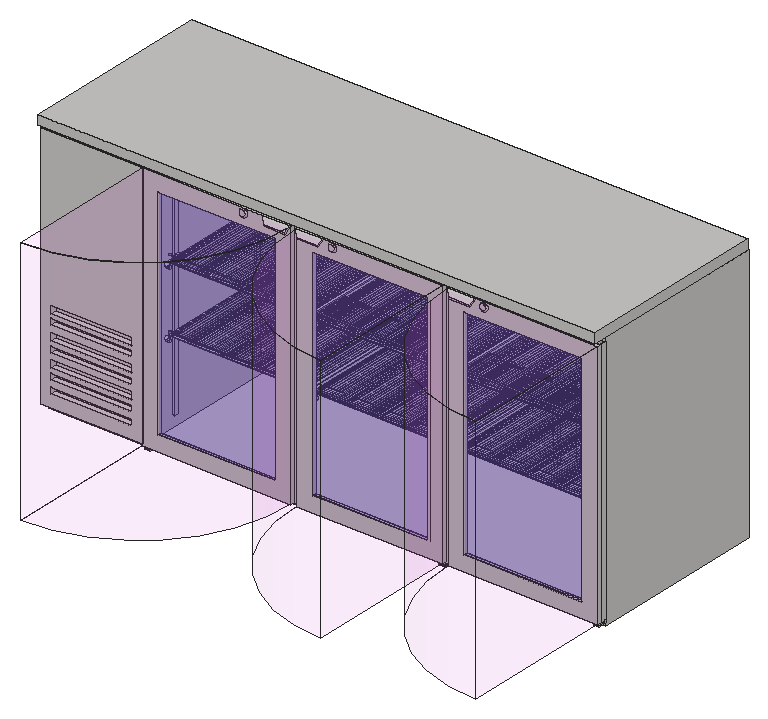
Revit family "QF_True_TBB24-72-3G-Z1-SFT-S-1_Glass_Swing_Door_Back_Bar", category Specialty Equipment, Revit 2021 (continued)
Definition of nested family "TBB24-72-3G-Z1-BST-B-1"
  Forms (in)
    Extrusion 199, solid
      sketch origin (37.5051, 0, -8.5) x (1, 0, 0) y (0, 0, 1)
        loop
          circle (14.90115, 21.72801) r 0.03267
      from 4.97058 to 21.84523
    Extrusion 200, solid
      sketch origin (55.08845, 0, -8.5) x (1, 0, 0) y (0, 0, 1)
        loop
          circle (14.90115, 21.72801) r 0.03267
      from 4.97058 to 21.84523
    Extrusion 201, solid
      sketch origin (37.86394, 0, -8.5) x (1, 0, 0) y (0, 0, 1)
        loop
          circle (14.90115, 21.72801) r 0.03267
      from 4.97058 to 21.84523
    Extrusion 202, solid
      sketch origin (38.22279, 0, -8.5) x (1, 0, 0) y (0, 0, 1)
        loop
          circle (14.90115, 21.72801) r 0.03267
      from 4.97058 to 21.84523
    Extrusion 203, solid
      sketch origin (38.58163, 0, -8.5) x (1, 0, 0) y (0, 0, 1)
        loop
          circle (14.90115, 21.72801) r 0.03267
      from 4.97058 to 21.84523
    Extrusion 204, solid
      sketch origin (38.94047, 0, -8.5) x (1, 0, 0) y (0, 0, 1)
        loop
          circle (14.90115, 21.72801) r 0.03267
      from 4.97058 to 21.84523
    Extrusion 205, solid
      sketch origin (39.29932, 0, -8.5) x (1, 0, 0) y (0, 0, 1)
        loop
          circle (14.90115, 21.72801) r 0.03267
      from 4.97058 to 21.84523
    Extrusion 206, solid
      sketch origin (39.65816, 0, -8.5) x (1, 0, 0) y (0, 0, 1)
        loop
          circle (14.90115, 21.72801) r 0.03267
      from 4.97058 to 21.84523
    Extrusion 207, solid
      sketch origin (40.01701, 0, -8.5) x (1, 0, 0) y (0, 0, 1)
        loop
          circle (14.90115, 21.72801) r 0.03267
      from 4.97058 to 21.84523
    Extrusion 208, solid
      sketch origin (40.37585, 0, -8.5) x (1, 0, 0) y (0, 0, 1)
        loop
          circle (14.90115, 21.72801) r 0.03267
      from 4.97058 to 21.84523
    Extrusion 209, solid
      sketch origin (40.73469, 0, -8.5) x (1, 0, 0) y (0, 0, 1)
        loop
          circle (14.90115, 21.72801) r 0.03267
      from 4.97058 to 21.84523
    Extrusion 210, solid
      sketch origin (41.09354, 0, -8.5) x (1, 0, 0) y (0, 0, 1)
        loop
          circle (14.90115, 21.72801) r 0.03267
      from 4.97058 to 21.84523
    Extrusion 211, solid
      sketch origin (41.45238, 0, -8.5) x (1, 0, 0) y (0, 0, 1)
        loop
          circle (14.90115, 21.72801) r 0.03267
      from 4.97058 to 21.84523
    Extrusion 212, solid
      sketch origin (41.81122, 0, -8.5) x (1, 0, 0) y (0, 0, 1)
        loop
          circle (14.90115, 21.72801) r 0.03267
      from 4.97058 to 21.84523
    Extrusion 213, solid
      sketch origin (42.17007, 0, -8.5) x (1, 0, 0) y (0, 0, 1)
        loop
          circle (14.90115, 21.72801) r 0.03267
      from 4.97058 to 21.84523
    Extrusion 214, solid
      sketch origin (42.52891, 0, -8.5) x (1, 0, 0) y (0, 0, 1)
        loop
          circle (14.90115, 21.72801) r 0.03267
      from 4.97058 to 21.84523
    Extrusion 215, solid
      sketch origin (42.88776, 0, -8.5) x (1, 0, 0) y (0, 0, 1)
        loop
          circle (14.90115, 21.72801) r 0.03267
      from 4.97058 to 21.84523
    Extrusion 216, solid
      sketch origin (43.2466, 0, -8.5) x (1, 0, 0) y (0, 0, 1)
        loop
          circle (14.90115, 21.72801) r 0.03267
      from 4.97058 to 21.84523
    Extrusion 217, solid
      sketch origin (43.60544, 0, -8.5) x (1, 0, 0) y (0, 0, 1)
        loop
          circle (14.90115, 21.72801) r 0.03267
      from 4.97058 to 21.84523
    Extrusion 218, solid
      sketch origin (43.96429, 0, -8.5) x (1, 0, 0) y (0, 0, 1)
        loop
          circle (14.90115, 21.72801) r 0.03267
      from 4.97058 to 21.84523
    Extrusion 219, solid
      sketch origin (44.32313, 0, -8.5) x (1, 0, 0) y (0, 0, 1)
        loop
          circle (14.90115, 21.72801) r 0.03267
      from 4.97058 to 21.84523
    Extrusion 220, solid
      sketch origin (44.68198, 0, -8.5) x (1, 0, 0) y (0, 0, 1)
        loop
          circle (14.90115, 21.72801) r 0.03267
      from 4.97058 to 21.84523
    Extrusion 221, solid
      sketch origin (45.04082, 0, -8.5) x (1, 0, 0) y (0, 0, 1)
        loop
          circle (14.90115, 21.72801) r 0.03267
      from 4.97058 to 21.84523
    Extrusion 222, solid
      sketch origin (45.39966, 0, -8.5) x (1, 0, 0) y (0, 0, 1)
        loop
          circle (14.90115, 21.72801) r 0.03267
      from 4.97058 to 21.84523
    Extrusion 223, solid
      sketch origin (45.75851, 0, -8.5) x (1, 0, 0) y (0, 0, 1)
        loop
          circle (14.90115, 21.72801) r 0.03267
      from 4.97058 to 21.84523
    Extrusion 224, solid
      sketch origin (46.11735, 0, -8.5) x (1, 0, 0) y (0, 0, 1)
        loop
          circle (14.90115, 21.72801) r 0.03267
      from 4.97058 to 21.84523
    Extrusion 225, solid
      sketch origin (46.47619, 0, -8.5) x (1, 0, 0) y (0, 0, 1)
        loop
          circle (14.90115, 21.72801) r 0.03267
      from 4.97058 to 21.84523
    Extrusion 226, solid
      sketch origin (46.83504, 0, -8.5) x (1, 0, 0) y (0, 0, 1)
        loop
          circle (14.90115, 21.72801) r 0.03267
      from 4.97058 to 21.84523
    Extrusion 227, solid
      sketch origin (47.19388, 0, -8.5) x (1, 0, 0) y (0, 0, 1)
        loop
          circle (14.90115, 21.72801) r 0.03267
      from 4.97058 to 21.84523
    Extrusion 228, solid
      sketch origin (47.55273, 0, -8.5) x (1, 0, 0) y (0, 0, 1)
        loop
          circle (14.90115, 21.72801) r 0.03267
      from 4.97058 to 21.84523
    Extrusion 229, solid
      sketch origin (47.91157, 0, -8.5) x (1, 0, 0) y (0, 0, 1)
        loop
          circle (14.90115, 21.72801) r 0.03267
      from 4.97058 to 21.84523
    Extrusion 230, solid
      sketch origin (48.27041, 0, -8.5) x (1, 0, 0) y (0, 0, 1)
        loop
          circle (14.90115, 21.72801) r 0.03267
      from 4.97058 to 21.84523
    Extrusion 231, solid
      sketch origin (48.62926, 0, -8.5) x (1, 0, 0) y (0, 0, 1)
        loop
          circle (14.90115, 21.72801) r 0.03267
      from 4.97058 to 21.84523
    Extrusion 232, solid
      sketch origin (48.9881, 0, -8.5) x (1, 0, 0) y (0, 0, 1)
        loop
          circle (14.90115, 21.72801) r 0.03267
      from 4.97058 to 21.84523
    Extrusion 233, solid
      sketch origin (49.34695, 0, -8.5) x (1, 0, 0) y (0, 0, 1)
        loop
          circle (14.90115, 21.72801) r 0.03267
      from 4.97058 to 21.84523
    Extrusion 234, solid
      sketch origin (49.70579, 0, -8.5) x (1, 0, 0) y (0, 0, 1)
        loop
          circle (14.90115, 21.72801) r 0.03267
      from 4.97058 to 21.84523
    Extrusion 235, solid
      sketch origin (50.06463, 0, -8.5) x (1, 0, 0) y (0, 0, 1)
        loop
          circle (14.90115, 21.72801) r 0.03267
      from 4.97058 to 21.84523
    Extrusion 236, solid
      sketch origin (50.42348, 0, -8.5) x (1, 0, 0) y (0, 0, 1)
        loop
          circle (14.90115, 21.72801) r 0.03267
      from 4.97058 to 21.84523
    Extrusion 237, solid
      sketch origin (50.78232, 0, -8.5) x (1, 0, 0) y (0, 0, 1)
        loop
          circle (14.90115, 21.72801) r 0.03267
      from 4.97058 to 21.84523
    Extrusion 238, solid
      sketch origin (51.14116, 0, -8.5) x (1, 0, 0) y (0, 0, 1)
        loop
          circle (14.90115, 21.72801) r 0.03267
      from 4.97058 to 21.84523
    Extrusion 239, solid
      sketch origin (51.50001, 0, -8.5) x (1, 0, 0) y (0, 0, 1)
        loop
          circle (14.90115, 21.72801) r 0.03267
      from 4.97058 to 21.84523
    Extrusion 240, solid
      sketch origin (51.85885, 0, -8.5) x (1, 0, 0) y (0, 0, 1)
        loop
          circle (14.90115, 21.72801) r 0.03267
      from 4.97058 to 21.84523
    Extrusion 241, solid
      sketch origin (52.2177, 0, -8.5) x (1, 0, 0) y (0, 0, 1)
        loop
          circle (14.90115, 21.72801) r 0.03267
      from 4.97058 to 21.84523
    Extrusion 242, solid
      sketch origin (52.57654, 0, -8.5) x (1, 0, 0) y (0, 0, 1)
        loop
          circle (14.90115, 21.72801) r 0.03267
      from 4.97058 to 21.84523
    Extrusion 243, solid
      sketch origin (52.93538, 0, -8.5) x (1, 0, 0) y (0, 0, 1)
        loop
          circle (14.90115, 21.72801) r 0.03267
      from 4.97058 to 21.84523
    Extrusion 244, solid
      sketch origin (53.29423, 0, -8.5) x (1, 0, 0) y (0, 0, 1)
        loop
          circle (14.90115, 21.72801) r 0.03267
      from 4.97058 to 21.84523
    Extrusion 245, solid
      sketch origin (53.65307, 0, -8.5) x (1, 0, 0) y (0, 0, 1)
        loop
          circle (14.90115, 21.72801) r 0.03267
      from 4.97058 to 21.84523
    Extrusion 246, solid
      sketch origin (54.01191, 0, -8.5) x (1, 0, 0) y (0, 0, 1)
        loop
          circle (14.90115, 21.72801) r 0.03267
      from 4.97058 to 21.84523
    Extrusion 247, solid
      sketch origin (54.37076, 0, -8.5) x (1, 0, 0) y (0, 0, 1)
        loop
          circle (14.90115, 21.72801) r 0.03267
      from 4.97058 to 21.84523
    Extrusion 248, solid
      sketch origin (54.7296, 0, -8.5) x (1, 0, 0) y (0, 0, 1)
        loop
          circle (14.90115, 21.72801) r 0.03267
      from 4.97058 to 21.84523
    Extrusion 249, solid
      sketch origin (18.7788, 0, 0) x (1, 0, 0) y (0, 0, 1)
        loop
          circle (14.90115, 21.72801) r 0.03267
      from 4.97058 to 21.86282
    Extrusion 250, solid
      sketch origin (36.36215, 0, 0) x (1, 0, 0) y (0, 0, 1)
        loop
          circle (14.90115, 21.72801) r 0.03267
      from 4.97058 to 21.86282
    Extrusion 251, solid
      sketch origin (19.13764, 0, 0) x (1, 0, 0) y (0, 0, 1)
        loop
          circle (14.90115, 21.72801) r 0.03267
      from 4.97058 to 21.86282
    Extrusion 252, solid
      sketch origin (19.49649, 0, 0) x (1, 0, 0) y (0, 0, 1)
        loop
          circle (14.90115, 21.72801) r 0.03267
      from 4.97058 to 21.86282
    Extrusion 253, solid
      sketch origin (19.85533, 0, 0) x (1, 0, 0) y (0, 0, 1)
        loop
          circle (14.90115, 21.72801) r 0.03267
      from 4.97058 to 21.86282
    Extrusion 254, solid
      sketch origin (20.21417, 0, 0) x (1, 0, 0) y (0, 0, 1)
        loop
          circle (14.90115, 21.72801) r 0.03267
      from 4.97058 to 21.86282
    Extrusion 255, solid
      sketch origin (20.57302, 0, 0) x (1, 0, 0) y (0, 0, 1)
        loop
          circle (14.90115, 21.72801) r 0.03267
      from 4.97058 to 21.86282
    Extrusion 256, solid
      sketch origin (20.93186, 0, 0) x (1, 0, 0) y (0, 0, 1)
        loop
          circle (14.90115, 21.72801) r 0.03267
      from 4.97058 to 21.86282
    Extrusion 257, solid
      sketch origin (21.29071, 0, 0) x (1, 0, 0) y (0, 0, 1)
        loop
          circle (14.90115, 21.72801) r 0.03267
      from 4.97058 to 21.86282
    Extrusion 258, solid
      sketch origin (21.64955, 0, 0) x (1, 0, 0) y (0, 0, 1)
        loop
          circle (14.90115, 21.72801) r 0.03267
      from 4.97058 to 21.86282
    Extrusion 259, solid
      sketch origin (22.00839, 0, 0) x (1, 0, 0) y (0, 0, 1)
        loop
          circle (14.90115, 21.72801) r 0.03267
      from 4.97058 to 21.86282
    Extrusion 260, solid
      sketch origin (22.36724, 0, 0) x (1, 0, 0) y (0, 0, 1)
        loop
          circle (14.90115, 21.72801) r 0.03267
      from 4.97058 to 21.86282
    Extrusion 261, solid
      sketch origin (22.72608, 0, 0) x (1, 0, 0) y (0, 0, 1)
        loop
          circle (14.90115, 21.72801) r 0.03267
      from 4.97058 to 21.86282
    Extrusion 262, solid
      sketch origin (23.08493, 0, 0) x (1, 0, 0) y (0, 0, 1)
        loop
          circle (14.90115, 21.72801) r 0.03267
      from 4.97058 to 21.86282
    Extrusion 263, solid
      sketch origin (23.44377, 0, 0) x (1, 0, 0) y (0, 0, 1)
        loop
          circle (14.90115, 21.72801) r 0.03267
      from 4.97058 to 21.86282
    Extrusion 264, solid
      sketch origin (23.80261, 0, 0) x (1, 0, 0) y (0, 0, 1)
        loop
          circle (14.90115, 21.72801) r 0.03267
      from 4.97058 to 21.86282
    Extrusion 265, solid
      sketch origin (24.16146, 0, 0) x (1, 0, 0) y (0, 0, 1)
        loop
          circle (14.90115, 21.72801) r 0.03267
      from 4.97058 to 21.86282
    Extrusion 266, solid
      sketch origin (24.5203, 0, 0) x (1, 0, 0) y (0, 0, 1)
        loop
          circle (14.90115, 21.72801) r 0.03267
      from 4.97058 to 21.86282
    Extrusion 267, solid
      sketch origin (24.87914, 0, 0) x (1, 0, 0) y (0, 0, 1)
        loop
          circle (14.90115, 21.72801) r 0.03267
      from 4.97058 to 21.86282
    Extrusion 268, solid
      sketch origin (25.23799, 0, 0) x (1, 0, 0) y (0, 0, 1)
        loop
          circle (14.90115, 21.72801) r 0.03267
      from 4.97058 to 21.86282
    Extrusion 269, solid
      sketch origin (25.59683, 0, 0) x (1, 0, 0) y (0, 0, 1)
        loop
          circle (14.90115, 21.72801) r 0.03267
      from 4.97058 to 21.86282
    Extrusion 270, solid
      sketch origin (25.95568, 0, 0) x (1, 0, 0) y (0, 0, 1)
        loop
          circle (14.90115, 21.72801) r 0.03267
      from 4.97058 to 21.86282
    Extrusion 271, solid
      sketch origin (26.31452, 0, 0) x (1, 0, 0) y (0, 0, 1)
        loop
          circle (14.90115, 21.72801) r 0.03267
      from 4.97058 to 21.86282
    Extrusion 272, solid
      sketch origin (26.67336, 0, 0) x (1, 0, 0) y (0, 0, 1)
        loop
          circle (14.90115, 21.72801) r 0.03267
      from 4.97058 to 21.86282
    Extrusion 273, solid
      sketch origin (27.03221, 0, 0) x (1, 0, 0) y (0, 0, 1)
        loop
          circle (14.90115, 21.72801) r 0.03267
      from 4.97058 to 21.86282
    Extrusion 274, solid
      sketch origin (27.39105, 0, 0) x (1, 0, 0) y (0, 0, 1)
        loop
          circle (14.90115, 21.72801) r 0.03267
      from 4.97058 to 21.86282
    Extrusion 275, solid
      sketch origin (27.7499, 0, 0) x (1, 0, 0) y (0, 0, 1)
        loop
          circle (14.90115, 21.72801) r 0.03267
      from 4.97058 to 21.86282
    Extrusion 276, solid
      sketch origin (28.10874, 0, 0) x (1, 0, 0) y (0, 0, 1)
        loop
          circle (14.90115, 21.72801) r 0.03267
      from 4.97058 to 21.86282
    Extrusion 277, solid
      sketch origin (28.46758, 0, 0) x (1, 0, 0) y (0, 0, 1)
        loop
          circle (14.90115, 21.72801) r 0.03267
      from 4.97058 to 21.86282
    Extrusion 278, solid
      sketch origin (28.82643, 0, 0) x (1, 0, 0) y (0, 0, 1)
        loop
          circle (14.90115, 21.72801) r 0.03267
      from 4.97058 to 21.86282
    Extrusion 279, solid
      sketch origin (29.18527, 0, 0) x (1, 0, 0) y (0, 0, 1)
        loop
          circle (14.90115, 21.72801) r 0.03267
      from 4.97058 to 21.86282
    Extrusion 280, solid
      sketch origin (29.54411, 0, 0) x (1, 0, 0) y (0, 0, 1)
        loop
          circle (14.90115, 21.72801) r 0.03267
      from 4.97058 to 21.86282
    Extrusion 281, solid
      sketch origin (29.90296, 0, 0) x (1, 0, 0) y (0, 0, 1)
        loop
          circle (14.90115, 21.72801) r 0.03267
      from 4.97058 to 21.86282
    Extrusion 282, solid
      sketch origin (30.2618, 0, 0) x (1, 0, 0) y (0, 0, 1)
        loop
          circle (14.90115, 21.72801) r 0.03267
      from 4.97058 to 21.86282
    Extrusion 283, solid
      sketch origin (30.62065, 0, 0) x (1, 0, 0) y (0, 0, 1)
        loop
          circle (14.90115, 21.72801) r 0.03267
      from 4.97058 to 21.86282
    Extrusion 284, solid
      sketch origin (30.97949, 0, 0) x (1, 0, 0) y (0, 0, 1)
        loop
          circle (14.90115, 21.72801) r 0.03267
      from 4.97058 to 21.86282
    Extrusion 285, solid
      sketch origin (31.33833, 0, 0) x (1, 0, 0) y (0, 0, 1)
        loop
          circle (14.90115, 21.72801) r 0.03267
      from 4.97058 to 21.86282
    Extrusion 286, solid
      sketch origin (31.69718, 0, 0) x (1, 0, 0) y (0, 0, 1)
        loop
          circle (14.90115, 21.72801) r 0.03267
      from 4.97058 to 21.86282
    Extrusion 287, solid
      sketch origin (32.05602, 0, 0) x (1, 0, 0) y (0, 0, 1)
        loop
          circle (14.90115, 21.72801) r 0.03267
      from 4.97058 to 21.86282
    Extrusion 288, solid
      sketch origin (32.41486, 0, 0) x (1, 0, 0) y (0, 0, 1)
        loop
          circle (14.90115, 21.72801) r 0.03267
      from 4.97058 to 21.86282
    Extrusion 289, solid
      sketch origin (32.77371, 0, 0) x (1, 0, 0) y (0, 0, 1)
        loop
          circle (14.90115, 21.72801) r 0.03267
      from 4.97058 to 21.86282
    Extrusion 290, solid
      sketch origin (33.13255, 0, 0) x (1, 0, 0) y (0, 0, 1)
        loop
          circle (14.90115, 21.72801) r 0.03267
      from 4.97058 to 21.86282
    Extrusion 291, solid
      sketch origin (33.4914, 0, 0) x (1, 0, 0) y (0, 0, 1)
        loop
          circle (14.90115, 21.72801) r 0.03267
      from 4.97058 to 21.86282
    Extrusion 292, solid
      sketch origin (33.85024, 0, 0) x (1, 0, 0) y (0, 0, 1)
        loop
          circle (14.90115, 21.72801) r 0.03267
      from 4.97058 to 21.86282
    Extrusion 293, solid
      sketch origin (34.20908, 0, 0) x (1, 0, 0) y (0, 0, 1)
        loop
          circle (14.90115, 21.72801) r 0.03267
      from 4.97058 to 21.86282
    Extrusion 294, solid
      sketch origin (34.56793, 0, 0) x (1, 0, 0) y (0, 0, 1)
        loop
          circle (14.90115, 21.72801) r 0.03267
      from 4.97058 to 21.86282
    Extrusion 295, solid
      sketch origin (34.92677, 0, 0) x (1, 0, 0) y (0, 0, 1)
        loop
          circle (14.90115, 21.72801) r 0.03267
      from 4.97058 to 21.86282
    Extrusion 296, solid
      sketch origin (35.28562, 0, 0) x (1, 0, 0) y (0, 0, 1)
        loop
          circle (14.90115, 21.72801) r 0.03267
      from 4.97058 to 21.86282
    Extrusion 297, solid
      sketch origin (35.64446, 0, 0) x (1, 0, 0) y (0, 0, 1)
        loop
          circle (14.90115, 21.72801) r 0.03267
      from 4.97058 to 21.86282
    Extrusion 298, solid
      sketch origin (36.0033, 0, 0) x (1, 0, 0) y (0, 0, 1)
        loop
          circle (14.90115, 21.72801) r 0.03267
      from 4.97058 to 21.86282
    Extrusion 299, solid
      sketch origin (37.5051, 0, 0) x (1, 0, 0) y (0, 0, 1)
        loop
          circle (14.90115, 21.72801) r 0.03267
      from 4.97058 to 21.86282
    Extrusion 300, solid
      sketch origin (55.08845, 0, 0) x (1, 0, 0) y (0, 0, 1)
        loop
          circle (14.90115, 21.72801) r 0.03267
      from 4.97058 to 21.86282
    Extrusion 301, solid
      sketch origin (37.86394, 0, 0) x (1, 0, 0) y (0, 0, 1)
        loop
          circle (14.90115, 21.72801) r 0.03267
      from 4.97058 to 21.86282
    Extrusion 302, solid
      sketch origin (38.22279, 0, 0) x (1, 0, 0) y (0, 0, 1)
        loop
          circle (14.90115, 21.72801) r 0.03267
      from 4.97058 to 21.86282
    Extrusion 303, solid
      sketch origin (38.58163, 0, 0) x (1, 0, 0) y (0, 0, 1)
        loop
          circle (14.90115, 21.72801) r 0.03267
      from 4.97058 to 21.86282
    Extrusion 304, solid
      sketch origin (38.94047, 0, 0) x (1, 0, 0) y (0, 0, 1)
        loop
          circle (14.90115, 21.72801) r 0.03267
      from 4.97058 to 21.86282
    Extrusion 305, solid
      sketch origin (39.29932, 0, 0) x (1, 0, 0) y (0, 0, 1)
        loop
          circle (14.90115, 21.72801) r 0.03267
      from 4.97058 to 21.86282
    Extrusion 306, solid
      sketch origin (39.65816, 0, 0) x (1, 0, 0) y (0, 0, 1)
        loop
          circle (14.90115, 21.72801) r 0.03267
      from 4.97058 to 21.86282
    Extrusion 307, solid
      sketch origin (40.01701, 0, 0) x (1, 0, 0) y (0, 0, 1)
        loop
          circle (14.90115, 21.72801) r 0.03267
      from 4.97058 to 21.86282
    Extrusion 308, solid
      sketch origin (40.37585, 0, 0) x (1, 0, 0) y (0, 0, 1)
        loop
          circle (14.90115, 21.72801) r 0.03267
      from 4.97058 to 21.86282
    Extrusion 309, solid
      sketch origin (40.73469, 0, 0) x (1, 0, 0) y (0, 0, 1)
        loop
          circle (14.90115, 21.72801) r 0.03267
      from 4.97058 to 21.86282
    Extrusion 310, solid
      sketch origin (41.09354, 0, 0) x (1, 0, 0) y (0, 0, 1)
        loop
          circle (14.90115, 21.72801) r 0.03267
      from 4.97058 to 21.86282
    Extrusion 311, solid
      sketch origin (41.45238, 0, 0) x (1, 0, 0) y (0, 0, 1)
        loop
          circle (14.90115, 21.72801) r 0.03267
      from 4.97058 to 21.86282
    Extrusion 312, solid
      sketch origin (41.81122, 0, 0) x (1, 0, 0) y (0, 0, 1)
        loop
          circle (14.90115, 21.72801) r 0.03267
      from 4.97058 to 21.86282
    Extrusion 313, solid
      sketch origin (42.17007, 0, 0) x (1, 0, 0) y (0, 0, 1)
        loop
          circle (14.90115, 21.72801) r 0.03267
      from 4.97058 to 21.86282
    Extrusion 314, solid
      sketch origin (42.52891, 0, 0) x (1, 0, 0) y (0, 0, 1)
        loop
          circle (14.90115, 21.72801) r 0.03267
      from 4.97058 to 21.86282
    Extrusion 315, solid
      sketch origin (42.88776, 0, 0) x (1, 0, 0) y (0, 0, 1)
        loop
          circle (14.90115, 21.72801) r 0.03267
      from 4.97058 to 21.86282
    Extrusion 316, solid
      sketch origin (43.2466, 0, 0) x (1, 0, 0) y (0, 0, 1)
        loop
          circle (14.90115, 21.72801) r 0.03267
      from 4.97058 to 21.86282
    Extrusion 317, solid
      sketch origin (43.60544, 0, 0) x (1, 0, 0) y (0, 0, 1)
        loop
          circle (14.90115, 21.72801) r 0.03267
      from 4.97058 to 21.86282
    Extrusion 318, solid
      sketch origin (43.96429, 0, 0) x (1, 0, 0) y (0, 0, 1)
        loop
          circle (14.90115, 21.72801) r 0.03267
      from 4.97058 to 21.86282
    Extrusion 319, solid
      sketch origin (44.32313, 0, 0) x (1, 0, 0) y (0, 0, 1)
        loop
          circle (14.90115, 21.72801) r 0.03267
      from 4.97058 to 21.86282
    Extrusion 320, solid
      sketch origin (44.68198, 0, 0) x (1, 0, 0) y (0, 0, 1)
        loop
          circle (14.90115, 21.72801) r 0.03267
      from 4.97058 to 21.86282
    Extrusion 321, solid
      sketch origin (45.04082, 0, 0) x (1, 0, 0) y (0, 0, 1)
        loop
          circle (14.90115, 21.72801) r 0.03267
      from 4.97058 to 21.86282
    Extrusion 322, solid
      sketch origin (45.39966, 0, 0) x (1, 0, 0) y (0, 0, 1)
        loop
          circle (14.90115, 21.72801) r 0.03267
      from 4.97058 to 21.86282
    Extrusion 323, solid
      sketch origin (45.75851, 0, 0) x (1, 0, 0) y (0, 0, 1)
        loop
          circle (14.90115, 21.72801) r 0.03267
      from 4.97058 to 21.86282
    Extrusion 324, solid
      sketch origin (46.11735, 0, 0) x (1, 0, 0) y (0, 0, 1)
        loop
          circle (14.90115, 21.72801) r 0.03267
      from 4.97058 to 21.86282
    Extrusion 325, solid
      sketch origin (46.47619, 0, 0) x (1, 0, 0) y (0, 0, 1)
        loop
          circle (14.90115, 21.72801) r 0.03267
      from 4.97058 to 21.86282
    Extrusion 326, solid
      sketch origin (46.83504, 0, 0) x (1, 0, 0) y (0, 0, 1)
        loop
          circle (14.90115, 21.72801) r 0.03267
      from 4.97058 to 21.86282
    Extrusion 327, solid
      sketch origin (47.19388, 0, 0) x (1, 0, 0) y (0, 0, 1)
        loop
          circle (14.90115, 21.72801) r 0.03267
      from 4.97058 to 21.86282
    Extrusion 328, solid
      sketch origin (47.55273, 0, 0) x (1, 0, 0) y (0, 0, 1)
        loop
          circle (14.90115, 21.72801) r 0.03267
      from 4.97058 to 21.86282
    Extrusion 329, solid
      sketch origin (47.91157, 0, 0) x (1, 0, 0) y (0, 0, 1)
        loop
          circle (14.90115, 21.72801) r 0.03267
      from 4.97058 to 21.86282
    Extrusion 330, solid
      sketch origin (48.27041, 0, 0) x (1, 0, 0) y (0, 0, 1)
        loop
          circle (14.90115, 21.72801) r 0.03267
      from 4.97058 to 21.86282
    Extrusion 331, solid
      sketch origin (48.62926, 0, 0) x (1, 0, 0) y (0, 0, 1)
        loop
          circle (14.90115, 21.72801) r 0.03267
      from 4.97058 to 21.86282
    Extrusion 332, solid
      sketch origin (48.9881, 0, 0) x (1, 0, 0) y (0, 0, 1)
        loop
          circle (14.90115, 21.72801) r 0.03267
      from 4.97058 to 21.86282
    Extrusion 333, solid
      sketch origin (49.34695, 0, 0) x (1, 0, 0) y (0, 0, 1)
        loop
          circle (14.90115, 21.72801) r 0.03267
      from 4.97058 to 21.86282
    Extrusion 334, solid
      sketch origin (49.70579, 0, 0) x (1, 0, 0) y (0, 0, 1)
        loop
          circle (14.90115, 21.72801) r 0.03267
      from 4.97058 to 21.86282
    Extrusion 335, solid
      sketch origin (50.06463, 0, 0) x (1, 0, 0) y (0, 0, 1)
        loop
          circle (14.90115, 21.72801) r 0.03267
      from 4.97058 to 21.86282
    Extrusion 336, solid
      sketch origin (50.42348, 0, 0) x (1, 0, 0) y (0, 0, 1)
        loop
          circle (14.90115, 21.72801) r 0.03267
      from 4.97058 to 21.86282
    Extrusion 337, solid
      sketch origin (50.78232, 0, 0) x (1, 0, 0) y (0, 0, 1)
        loop
          circle (14.90115, 21.72801) r 0.03267
      from 4.97058 to 21.86282
    Extrusion 338, solid
      sketch origin (51.14116, 0, 0) x (1, 0, 0) y (0, 0, 1)
        loop
          circle (14.90115, 21.72801) r 0.03267
      from 4.97058 to 21.86282
    Extrusion 339, solid
      sketch origin (51.50001, 0, 0) x (1, 0, 0) y (0, 0, 1)
        loop
          circle (14.90115, 21.72801) r 0.03267
      from 4.97058 to 21.86282
    Extrusion 340, solid
      sketch origin (51.85885, 0, 0) x (1, 0, 0) y (0, 0, 1)
        loop
          circle (14.90115, 21.72801) r 0.03267
      from 4.97058 to 21.86282
    Extrusion 341, solid
      sketch origin (52.2177, 0, 0) x (1, 0, 0) y (0, 0, 1)
        loop
          circle (14.90115, 21.72801) r 0.03267
      from 4.97058 to 21.86282
    Extrusion 342, solid
      sketch origin (52.57654, 0, 0) x (1, 0, 0) y (0, 0, 1)
        loop
          circle (14.90115, 21.72801) r 0.03267
      from 4.97058 to 21.86282
    Extrusion 343, solid
      sketch origin (52.93538, 0, 0) x (1, 0, 0) y (0, 0, 1)
        loop
          circle (14.90115, 21.72801) r 0.03267
      from 4.97058 to 21.86282
    Extrusion 344, solid
      sketch origin (53.29423, 0, 0) x (1, 0, 0) y (0, 0, 1)
        loop
          circle (14.90115, 21.72801) r 0.03267
      from 4.97058 to 21.86282
    Extrusion 345, solid
      sketch origin (53.65307, 0, 0) x (1, 0, 0) y (0, 0, 1)
        loop
          circle (14.90115, 21.72801) r 0.03267
      from 4.97058 to 21.86282
    Extrusion 346, solid
      sketch origin (54.01191, 0, 0) x (1, 0, 0) y (0, 0, 1)
        loop
          circle (14.90115, 21.72801) r 0.03267
      from 4.97058 to 21.86282
    Extrusion 347, solid
      sketch origin (54.37076, 0, 0) x (1, 0, 0) y (0, 0, 1)
        loop
          circle (14.90115, 21.72801) r 0.03267
      from 4.97058 to 21.86282
    Extrusion 348, solid
      sketch origin (54.7296, 0, 0) x (1, 0, 0) y (0, 0, 1)
        loop
          circle (14.90115, 21.72801) r 0.03267
      from 4.97058 to 21.86282
    Extrusion 349, solid, material <- "Door Finish"
      sketch origin (20.43039, -23.09422, 33.46875) x (0, 0, -1) y (1, 0, 0)
        loop
          line (0.5625, 12.35291) -> (32.78125, 12.35291) -> (32.78125, 31.97791) -> (0.5625, 31.97791) -> (0.5625, 12.35291)
        loop
          line (31.78125, 13.35291) -> (31.78125, 30.97791) -> (1.5625, 30.97791) -> (1.5625, 13.35291) -> (31.78125, 13.35291)
      from 0 to 0.80663
    Blend 350, solid, material <- "Door Finish"
      base sketch origin (63.88621, -24.3696, 33.46875) x (0, 0, -1) y (1, 0, 0)
        loop
          circle (1.15564, -26.16355) r 0.5
      top sketch origin (63.88621, -24.3696, 33.46875) x (0, 0, -1) y (1, 0, 0)
        loop
          circle (1.15564, -26.16355) r 0.39938
      from 0 to 0.12886
    Extrusion 351, solid, material <- "Door Finish"
      sketch origin (64.76326, -23.90085, 33.46875) x (0, 0, -1) y (1, 0, 0)
        loop
          line (0.5625, -12.72791) -> (0.5625, -31.60291) -> (32.78125, -31.60291) -> (32.78125, -12.72791) -> (0.5625, -12.72791)
        loop
          line (2.5625, -29.60291) -> (30.78125, -29.60291) -> (30.78125, -14.72791) -> (2.5625, -14.72791) -> (2.5625, -29.60291)
      from 0 to 0.46875
    Extrusion 352, solid, material <- "Door Finish"
      sketch origin (40.05334, -23.90085, 33.46875) x (0, 0, -1) y (1, 0, 0)
        loop
          line (0.5625, 12.72791) -> (32.78125, 12.72791) -> (32.78125, 31.97791) -> (0.5625, 31.97791) -> (0.5625, 12.72791)
        loop
          line (2.5625, 29.97791) -> (2.5625, 14.72791) -> (30.78125, 14.72791) -> (30.78125, 29.97791) -> (2.5625, 29.97791)
      from 0 to 0.46875
    Extrusion 353, solid, material <- "Door Finish"
      sketch origin (32.40625, -23.52159, 32.30626) x (0, 0, -1) y (0, 1, 0)
        loop
          line (-0.59999, -0.09801) -> (-0.72499, -0.09801) -> (-0.72499, -1.07258) -> (-0.25659, -1.82216) -> (-0.1092, -1.82216) -> (-0.59999, -1.03673) -> (-0.59999, -0.09801)
      from 0 to -3.5
    Extrusion 354, void
      sketch origin (32.40625, -24.59416, 33.03125) x (0, 0.848048, 0.529919) y (1, 0, 0)
        loop
          line (0, -3.5) -> (-1.1776, -2.4866) -> (-1.1776, -3.5) -> (0, -3.5)
      from 0 to 0.25
    Extrusion 355, solid, material <- "Door Finish"
      sketch origin (36.66035, -23.52159, 32.30626) x (0, 0, -1) y (0, 1, 0)
        loop
          line (-0.59999, -0.09801) -> (-0.72499, -0.09801) -> (-0.72499, -1.07258) -> (-0.25659, -1.82216) -> (-0.1092, -1.82216) -> (-0.59999, -1.03673) -> (-0.59999, -0.09801)
      from 0 to -3.5
    Extrusion 356, void
      sketch origin (36.66035, -24.59416, 33.03125) x (0, 0.848048, 0.529919) y (1, 0, 0)
        loop
          line (0, -3.5) -> (-1.1776, -2.4866) -> (-1.1776, -3.5) -> (0, -3.5)
      from 0 to 0.25
    Extrusion 357, solid, material <- "Door Finish"
      sketch origin (56.28125, -23.52159, 32.30626) x (0, 0, -1) y (0, 1, 0)
        loop
          line (-0.59999, -0.09801) -> (-0.72499, -0.09801) -> (-0.72499, -1.07258) -> (-0.25659, -1.82216) -> (-0.1092, -1.82216) -> (-0.59999, -1.03673) -> (-0.59999, -0.09801)
      from 0 to -3.5
    Extrusion 358, void
      sketch origin (56.28125, -24.59416, 33.03125) x (0, 0.848048, 0.529919) y (1, 0, 0)
        loop
          line (0, -3.5) -> (-1.1776, -2.4866) -> (-1.1776, -3.5) -> (0, -3.5)
      from 0 to 0.25
    Extrusion 359, solid
      sketch origin (15.15625, -23.90085, 2.6875) x (1, 0, 0) y (0, 1, 0)
        loop
          line (15.25, -0.10938) -> (0, -0.10938) -> (0, -0.35938) -> (15.25, -0.35938) -> (15.25, -0.10938)
      from 0 to 28.21875
    Extrusion 360, solid
      sketch origin (35.16035, -23.90085, 2.6875) x (1, 0, 0) y (0, 1, 0)
        loop
          line (15.25, -0.10938) -> (0, -0.10938) -> (0, -0.35938) -> (15.25, -0.35938) -> (15.25, -0.10938)
      from 0 to 28.21875
    Extrusion 361, solid
      sketch origin (54.78125, -23.90085, 2.6875) x (1, 0, 0) y (0, 1, 0)
        loop
          line (15.25, -0.10938) -> (0, -0.10938) -> (0, -0.35938) -> (15.25, -0.35938) -> (15.25, -0.10938)
      from 0 to 28.21875
    Extrusion 362, solid, visible <- "Show Door Clearance"
      sketch origin (52.78125, -23.90085, 0.6875) x (0, -1, 0) y (-1, 0, 0)
        loop
          arc (0.46875, 20.375) -> (14.39589, 25.83841) -> (20.20484, 39.625) r 19.25
          line (20.20484, 39.625) -> (0.46875, 39.625) -> (0.46875, 20.375)
      from 0 to -32.21875
    Extrusion 363, solid, visible <- "Show Door Clearance"
      sketch origin (52.78125, -23.90085, 0.6875) x (0, -1, 0) y (-1, 0, 0)
        loop
          line (0.46875, 19.61367) -> (0.46875, 0.7459) -> (20.1929, 0.7459)
          arc (20.1929, 0.7459) -> (14.26761, 14.29526) -> (0.46875, 19.61367) r 19.19983
        loop
          line (0.46875, 0) -> (0.46875, -19.25) -> (20.19556, -19.25)
          arc (20.19556, -19.25) -> (14.40507, -5.45121) -> (0.46875, 0) r 19.19983
      from 0 to -32.21875
  Cuts and joins
    Extrusion 4, Extrusion 10 cuts Extrusion 2
    Extrusion 4 cuts Extrusion 3
    Extrusion 10 cuts Extrusion 8
    joined: Extrusion 8, Extrusion 11
    Extrusion 10 cuts Extrusion 9
    joined: Extrusion 14, Extrusion 15
    Extrusion 354, Extrusion 356 cuts Extrusion 353
    Extrusion 356, Extrusion 358 cuts Extrusion 355
    Extrusion 358 cuts Extrusion 357
  Lines and regions (in)
    Split face 1
      outline origin (0, 0.03125, 0) x (0, 0, 1) y (1, 0, 0)
        loop
          line (18.17708, 10.7061) -> (3.09519, 10.7061) -> (3.09519, 0.9561) -> (18.17708, 0.9561) -> (18.17708, 10.7061)
    Split face 2
      outline origin (0, -24.3696, 32.90625) x (-1, 0, 0) y (0, 0, -1)
        loop
          line (-2.26866, 1.36126) -> (-2.26866, 2.86126) -> (-10.572, 2.86126) -> (-10.572, 1.36126) -> (-2.26866, 1.36126)
    symbolic lines
      curve 1: line (72.03125, 0, 0) -> (0, 0, 0)
      curve 2: line (0, 0, 0) -> (0, -24.875, 0)
      curve 3: line (72.03125, -24.875, 0) -> (72.03125, 0, 0)
      curve 8: line (0, -24.875, 0) -> (72.03125, -24.875, 0)
      curve 11: line (29.73411, -25.34375, 0) -> (29.26536, -24.875, 0)
      curve 12: line (29.73411, -25.34375, 0) -> (32.40625, -25.34375, 0)
      curve 13: line (32.40625, -24.875, 0) -> (32.40625, -25.34375, 0)
      curve 14: line (33.98129, -25.34375, 0) -> (33.51254, -24.875, 0)
      curve 15: line (33.98129, -25.34375, 0) -> (36.65343, -25.34375, 0)
      curve 16: line (36.65343, -24.875, 0) -> (36.65343, -25.34375, 0)
      curve 17: line (53.6022, -25.34375, 0) -> (53.13345, -24.875, 0)
      curve 18: line (53.6022, -25.34375, 0) -> (56.27433, -25.34375, 0)
      curve 19: line (56.27433, -24.875, 0) -> (56.27433, -25.34375, 0)
    symbolic lines, visible <- "Show Door Clearance"
      curve 4: arc (32.41238, -24.875, 0) -> (31.69762, -30.05258, 0) -> (29.61643, -34.84704, 0) r 19.25
      curve 5: arc (35.64278, -34.33925, 0) -> (33.78857, -29.76791, 0) -> (33.16036, -24.875, 0) r 19.19983
      curve 6: arc (55.35127, -34.50519, 0) -> (53.42671, -29.86028, 0) -> (52.77403, -24.875, 0) r 19.19983
      curve 7: line (13.15625, -25.34375, 0) -> (29.61643, -34.84704, 0)
      curve 9: line (52.03535, -24.875, 0) -> (35.64278, -34.33925, 0)
      curve 10: line (72.03125, -24.875, 0) -> (55.35127, -34.50519, 0)
  Dimensions and locks (in)
    equal spacing: plane 3 "LEFT", plane 7 "Center Y", plane 4 "RIGHT"
    "Length": plane 3 "LEFT" to plane 4 "RIGHT"
    equal spacing: plane 5 "FRONT", plane 8 "Center X", plane 1 "BACK"
    "Depth": plane 5 "FRONT" to plane 1 "BACK"
    "Height": plane 6 "TOP" to level
    plane 5 "FRONT" to plane 1 "BACK" = 25 11/32"
    plane 9 to plane 1 "BACK" = 44 3/32"
    plane 5 "FRONT" to plane 9 = 18 3/4"
    plane 1 "BACK" to plane 10 = 24 7/8"
    equal spacing: group 52, group 54, group 55, group 56, group 57, group 58, group 59, group 60, group 61, group 62, group 63, group 64, group 65, group 66, group 67, group 68, group 69, group 70, group 71, group 72, group 73, group 74, group 75, group 76, group 77, group 78, group 79, group 80, group 81, group 82, group 83, group 84, group 85, group 86, group 87, group 88, group 89, group 90, group 91, group 92, group 93, group 94, group 95, group 96, group 97, group 98, group 99, group 100, group 101, group 53  (x3)
    aligned and locked: level to plane 2
  Automatic sketch dimensions
    Extrusion 1 sketch curve to plane 3 "LEFT" = 0"
    plane 4 "RIGHT" to Extrusion 1 sketch curve = 0"
    Extrusion 1 sketch curve to plane 6 "TOP" = 0"
    Extrusion 1 sketch curve to plane 6 "TOP" = 1 1/4"
    Extrusion 2 sketch curve to level = 0"
    Extrusion 2 sketch curve to plane 1 "BACK" = 0"
    Extrusion 2 sketch curve to plane 14 = 1.24899"
    Extrusion 2 sketch curve to plane 6 "TOP" = 1 1/4"
    Extrusion 3 sketch curve to Extrusion 2 = 0"
    Extrusion 3 sketch curve to Extrusion 2 = 9/16"
    Extrusion 3 sketch curve to Extrusion 2 = 0.97992"
    Extrusion 2 to Extrusion 3 sketch curve = 13 5/32"
    Extrusion 3 to Extrusion 4 sketch curve = 1.61339"
    Extrusion 4 sketch curve to Extrusion 4 sketch curve = 0.82714"  (x4)
    Extrusion 4 sketch curve to Extrusion 4 sketch curve = 0.79786"
    Extrusion 4 sketch curve to Extrusion 4 sketch curve = 0.57908"  (x2)
    Extrusion 4 sketch curve to Extrusion 4 sketch curve = 1"  (x3)
    Extrusion 4 sketch curve to Extrusion 4 sketch curve = 0.71878"
    Extrusion 4 sketch curve to Extrusion 4 sketch curve = 0.84378"
    Extrusion 4 sketch curve to Extrusion 4 sketch curve = 0.45408"
    Extrusion 3 to Extrusion 4 sketch curve = 1.27626"  (x2)
    Extrusion 4 sketch curve to Extrusion 4 sketch curve = 0"  (x11)
    Extrusion 3 to Extrusion 4 sketch curve = 1.32665"
    Extrusion 5 sketch curve to Extrusion 2 = 0"
    Extrusion 2 to Extrusion 5 sketch curve = 9/16"
    Extrusion 5 sketch curve to Extrusion 5 sketch curve = 3/4"  (x3)
    Extrusion 5 sketch curve to Extrusion 2 = 13.59037"
    Extrusion 2 to Extrusion 5 sketch curve = 3/4"
    Extrusion 5 sketch curve to Extrusion 5 sketch curve = 0"  (x2)
    Extrusion 5 sketch curve to Extrusion 5 sketch curve = 0.44096"
    Extrusion 5 sketch curve to Extrusion 5 sketch curve = 4.44897"
    Extrusion 5 sketch curve to Extrusion 5 sketch curve = 10.52264"
    Split face 1 sketch curve to Extrusion 5 = 2.53269"
    Split face 1 sketch curve to Extrusion 5 = 2.4513"
    Split face 1 sketch curve to Extrusion 5 = 0.9561"
    Split face 1 sketch curve to Extrusion 5 = 1.31655"
    Extrusion 6 sketch curve to Extrusion 5 = 0.05904"
    Extrusion 5 to Extrusion 6 sketch curve = 0.19096"  (x2)
    Extrusion 6 sketch curve to Extrusion 5 = 0.31699"  (x2)
    Extrusion 6 sketch curve to Extrusion 6 sketch curve = 1/2"  (x2)
    Extrusion 6 sketch curve to Extrusion 6 sketch curve = 1/4"
    Extrusion 6 sketch curve to Extrusion 6 sketch curve = 0.43301"  (x2)
    Extrusion 7 sketch curve to Extrusion 5 = 0.72262"
    Extrusion 7 sketch curve to Extrusion 5 = 1.73005"
    Split face 2 sketch curve to cut or joined group of Extrusion 3, Extrusion 4 = 1.2576"
    Split face 2 sketch curve to cut or joined group of Extrusion 3, Extrusion 4 = 0.9924"
    Split face 2 sketch curve to cut or joined group of Extrusion 3, Extrusion 4 = 1.36126"
    Split face 2 sketch curve to Split face 2 sketch curve = 1 1/2"
    Extrusion 8 sketch curve to Extrusion 2 = 9/16"
    Extrusion 8 sketch curve to Extrusion 8 sketch curve = 1"  (x3)
    Extrusion 8 sketch curve to Extrusion 2 = 1 11/16"
    Extrusion 8 sketch curve to Extrusion 2 = 11/16"
    Extrusion 2 to Extrusion 8 sketch curve = 13 5/32"
    Extrusion 8 sketch curve to Extrusion 8 sketch curve = 17 5/8"
    Extrusion 2 to Extrusion 9 sketch curve = 0"
    Extrusion 9 sketch curve to Extrusion 2 = 9/16"
    Extrusion 9 sketch curve to Extrusion 9 sketch curve = 1"
    Extrusion 9 sketch curve to Extrusion 2 = 1 11/16"
    Extrusion 9 sketch curve to Extrusion 2 = 11/16"
    Extrusion 2 to Extrusion 9 sketch curve = 1"
    Extrusion 9 sketch curve to Extrusion 9 sketch curve = 17 3/16"
    Extrusion 9 sketch curve to Extrusion 9 sketch curve = 1.43545"
    Extrusion 10 sketch curve to plane 12 = 251/256"
    plane 4 "RIGHT" to Extrusion 10 sketch curve = 1 133/256"
    Extrusion 10 sketch curve to plane 14 = 1.24899"
    plane 1 "BACK" to Extrusion 10 sketch curve = 4.34422"
    Extrusion 11 sketch curve to Extrusion 8 = 0"  (x2)
    Extrusion 8 to Extrusion 11 sketch curve = 0"
    Extrusion 8 to Extrusion 11 sketch curve = 1"  (x3)
    Extrusion 8 to Extrusion 11 sketch curve = 1 3/8"
    Extrusion 11 sketch curve to Extrusion 8 = 3/8"
    Blend 12 sketch curve to Extrusion 11 = 0.59314"  (x2)
    Extrusion 11 to Blend 12 sketch curve = 4.18936"  (x2)
    Blend 13 sketch curve to Extrusion 11 = 0.59314"  (x2)
    Extrusion 11 to Blend 13 sketch curve = 24.93936"  (x2)
    Extrusion 14 sketch curve to plane 4 "RIGHT" = 0"
    Extrusion 14 sketch curve to plane 12 = 0"
    plane 4 "RIGHT" to Extrusion 14 sketch curve = 1/8"
    Extrusion 14 sketch curve to Extrusion 14 sketch curve = 0.56872"  (x2)
    Extrusion 14 sketch curve to plane 64 = 0.35763"  (x3)
    Extrusion 14 sketch curve to Extrusion 14 sketch curve = 0.11746"  (x6)
    Extrusion 14 sketch curve to Extrusion 14 sketch curve = 0.27298"  (x3)
    plane 13 to Extrusion 14 sketch curve = 0.33598"
    Extrusion 14 sketch curve to Extrusion 14 sketch curve = 1/8"
    Extrusion 14 sketch curve to plane 64 = 0.27538"
    Extrusion 14 sketch curve to plane 12 = 1.08416"
    Extrusion 14 sketch curve to plane 12 = 1/8"
    Extrusion 14 sketch curve to Extrusion 14 sketch curve = 0.04275"  (x4)
    Extrusion 14 sketch curve to plane 64 = 0.40038"
    Extrusion 14 sketch curve to Extrusion 14 sketch curve = 3/4"  (x3)
    Extrusion 2 to Extrusion 15 sketch curve = 0"
    Extrusion 15 sketch curve to Extrusion 2 = 11/16"  (x3)
    Extrusion 15 sketch curve to Extrusion 2 = 0.28263"  (x3)
    Extrusion 2 to Extrusion 15 sketch curve = 1.0917"
    Extrusion 15 sketch curve to Extrusion 15 sketch curve = 18.5333"
    Extrusion 15 sketch curve to Extrusion 15 sketch curve = 1.0917"  (x2)
    Extrusion 2 to Extrusion 15 sketch curve = 14.24795"
    Extrusion 16 sketch curve to Extrusion 14 = 0.43489"
    Extrusion 16 sketch curve to Extrusion 14 = 0.40936"  (x2)
    Extrusion 16 sketch curve to Extrusion 14 = 0.48393"  (x3)
    Extrusion 17 sketch curve to Extrusion 1 = 1.26471"  (x3)
    Extrusion 1 to Extrusion 17 sketch curve = 0.43489"
    Extrusion 17 sketch curve to Extrusion 17 sketch curve = 19.93545"
    Extrusion 17 sketch curve to Extrusion 1 = 13.56561"
    plane 14 to Extrusion 18 sketch curve = 1"
    Extrusion 18 sketch curve to Extrusion 18 sketch curve = 1/2"  (x2)
    plane 8 "Center X" to Extrusion 18 sketch curve = 5.07665"
    plane 11 to Extrusion 18 sketch curve = 2.90487"  (x2)
    Extrusion 18 sketch curve to plane 6 "TOP" = 4"  (x2)
    Extrusion 19 sketch curve to plane 12 = 2.3189"
    Extrusion 19 sketch curve to Extrusion 19 sketch curve = 1/2"  (x6)
    Extrusion 19 sketch curve to plane 7 "Center Y" = 4.54048"
    Extrusion 19 sketch curve to Extrusion 19 sketch curve = 1.6122"
    plane 13 to Extrusion 19 sketch curve = 1 49/64"
    Extrusion 19 sketch curve to plane 13 = 1 17/64"
    plane 4 "RIGHT" to Extrusion 19 sketch curve = 3 23/64"
    plane 11 to Extrusion 19 sketch curve = 2.90487"  (x5)
    Extrusion 19 sketch curve to Extrusion 19 sketch curve = 0"  (x3)
    Extrusion 19 sketch curve to plane 6 "TOP" = 4"  (x4)
    Sweep 20 sketch curve to plane 14 = 0"
    plane 14 to Sweep 20 sketch curve = 1/2"
    Sweep 20 sketch curve to plane 7 "Center Y" = 3.38438"
    Sweep 20 sketch curve to Sweep 20 sketch curve = 1/2"  (x2)
    Sweep 20 sketch curve to plane 14 = 1/2"
    Sweep 20 sketch curve to plane 12 = 2.13125"  (x2)
    plane 1 "BACK" to Sweep 20 sketch curve = 5.47703"
    Sweep 20 sketch curve to Sweep 20 sketch curve = 1/4"
    profile plane to Sweep 20 sketch curve = 0"
    Sweep 20 sketch curve to profile plane = 0.10817"
    Extrusion 18 to Extrusion 21 sketch curve = 0"
    Extrusion 18 to Extrusion 21 sketch curve = 9.35512"  (x2)
    Extrusion 21 sketch curve to Extrusion 18 = 0.44283"
    Extrusion 21 sketch curve to Extrusion 21 sketch curve = 0.44283"  (x3)
    Extrusion 21 sketch curve to Extrusion 21 sketch curve = 0.13831"  (x2)
    Extrusion 21 sketch curve to Extrusion 21 sketch curve = 54.70733"
    Extrusion 18 to Extrusion 22 sketch curve = 0"
    Extrusion 18 to Extrusion 22 sketch curve = 9.35512"  (x2)
    Extrusion 22 sketch curve to Extrusion 18 = 0.44283"
    Extrusion 22 sketch curve to Extrusion 22 sketch curve = 0.44283"  (x3)
    Extrusion 22 sketch curve to Extrusion 22 sketch curve = 0.13831"  (x2)
    Extrusion 22 sketch curve to Extrusion 22 sketch curve = 54.70733"
    Extrusion 23 sketch curve to Extrusion 19 = 0"
    Extrusion 19 to Extrusion 23 sketch curve = 9.35512"
    Extrusion 23 sketch curve to Extrusion 23 sketch curve = 0.44283"  (x2)
    Extrusion 23 sketch curve to Extrusion 23 sketch curve = 0.13831"
    Extrusion 24 sketch curve to Extrusion 19 = 0"
    Extrusion 19 to Extrusion 24 sketch curve = 9.35512"
    Extrusion 24 sketch curve to Extrusion 24 sketch curve = 0.44283"  (x2)
    Extrusion 24 sketch curve to Extrusion 24 sketch curve = 0.13831"
    plane 1 "BACK" to Extrusion 25 sketch curve = 4.72703"
    Extrusion 25 sketch curve to plane 6 "TOP" = 13.35512"
    Extrusion 25 sketch curve to Extrusion 25 sketch curve = 0.44283"  (x2)
    Extrusion 25 sketch curve to Extrusion 25 sketch curve = 0.13831"
    plane 1 "BACK" to Extrusion 26 sketch curve = 4.72703"
    Extrusion 26 sketch curve to plane 6 "TOP" = 13.35512"
    Extrusion 26 sketch curve to Extrusion 26 sketch curve = 0.44283"  (x2)
    Extrusion 26 sketch curve to Extrusion 26 sketch curve = 0.13831"
    Extrusion 18 to Extrusion 27 sketch curve = 0"
    Extrusion 27 sketch curve to Extrusion 18 = 9.14488"  (x2)
    Extrusion 27 sketch curve to Extrusion 18 = 0.44283"
    Extrusion 27 sketch curve to Extrusion 27 sketch curve = 0.44283"  (x3)
    Extrusion 27 sketch curve to Extrusion 27 sketch curve = 0.13831"  (x2)
    Extrusion 27 sketch curve to Extrusion 27 sketch curve = 54.70733"
    Extrusion 18 to Extrusion 28 sketch curve = 0"
    Extrusion 28 sketch curve to Extrusion 18 = 9.14488"  (x2)
    Extrusion 28 sketch curve to Extrusion 18 = 0.44283"
    Extrusion 28 sketch curve to Extrusion 28 sketch curve = 0.44283"  (x3)
    Extrusion 28 sketch curve to Extrusion 28 sketch curve = 0.13831"  (x2)
    Extrusion 28 sketch curve to Extrusion 28 sketch curve = 54.70733"
    Extrusion 29 sketch curve to Extrusion 19 = 0"
    Extrusion 29 sketch curve to Extrusion 19 = 9.14488"
    Extrusion 29 sketch curve to Extrusion 29 sketch curve = 0.44283"  (x2)
    Extrusion 29 sketch curve to Extrusion 29 sketch curve = 0.13831"
    Extrusion 30 sketch curve to Extrusion 19 = 0"
    Extrusion 30 sketch curve to Extrusion 19 = 9.14488"
    Extrusion 30 sketch curve to Extrusion 30 sketch curve = 0.44283"  (x2)
    Extrusion 30 sketch curve to Extrusion 30 sketch curve = 0.13831"
    plane 1 "BACK" to Extrusion 31 sketch curve = 4.72703"
    plane 11 to Extrusion 31 sketch curve = 12.04975"
    Extrusion 31 sketch curve to Extrusion 31 sketch curve = 0.44283"  (x2)
    Extrusion 31 sketch curve to Extrusion 31 sketch curve = 0.13831"
    plane 1 "BACK" to Extrusion 32 sketch curve = 4.72703"
    plane 11 to Extrusion 32 sketch curve = 12.04975"
    Extrusion 32 sketch curve to Extrusion 32 sketch curve = 0.44283"  (x2)
    Extrusion 32 sketch curve to Extrusion 32 sketch curve = 0.13831"
    Sweep 33 sketch curve to plane 14 = 0"
    plane 14 to Sweep 33 sketch curve = 1/2"
    Sweep 33 sketch curve to plane 7 "Center Y" = 3.38438"
    Sweep 33 sketch curve to Sweep 33 sketch curve = 1/2"  (x2)
    Sweep 33 sketch curve to plane 14 = 1/2"
    Sweep 33 sketch curve to plane 12 = 2.13125"  (x2)
    plane 1 "BACK" to Sweep 33 sketch curve = 5.47703"
    Sweep 33 sketch curve to Sweep 33 sketch curve = 1/4"
    profile plane to Sweep 33 sketch curve = 0"
    Sweep 33 sketch curve to profile plane = 0.10817"
    Extrusion 34 sketch curve to plane 14 = 0"
    Extrusion 34 sketch curve to plane 6 "TOP" = 12.37336"
    Extrusion 35 sketch curve to plane 14 = 0"
    plane 11 to Extrusion 35 sketch curve = 13.03151"
    Extrusion 36 sketch curve to plane 14 = 0"
    Extrusion 36 sketch curve to plane 6 "TOP" = 12.37336"
    Extrusion 37 sketch curve to plane 14 = 0"
    plane 11 to Extrusion 37 sketch curve = 13.03151"
    plane 1 "BACK" to Extrusion 38 sketch curve = 4.72703"
    Extrusion 38 sketch curve to plane 6 "TOP" = 13.35512"
    Extrusion 38 sketch curve to Extrusion 38 sketch curve = 0.44283"  (x2)
    Extrusion 38 sketch curve to Extrusion 38 sketch curve = 0.13831"
    plane 1 "BACK" to Extrusion 39 sketch curve = 4.72703"
    Extrusion 39 sketch curve to plane 6 "TOP" = 13.35512"
    Extrusion 39 sketch curve to Extrusion 39 sketch curve = 0.44283"  (x2)
    Extrusion 39 sketch curve to Extrusion 39 sketch curve = 0.13831"
    plane 1 "BACK" to Extrusion 40 sketch curve = 4.72703"
    plane 11 to Extrusion 40 sketch curve = 12.04975"
    Extrusion 40 sketch curve to Extrusion 40 sketch curve = 0.44283"  (x2)
    Extrusion 40 sketch curve to Extrusion 40 sketch curve = 0.13831"
    plane 1 "BACK" to Extrusion 41 sketch curve = 4.72703"
    plane 11 to Extrusion 41 sketch curve = 12.04975"
    Extrusion 41 sketch curve to Extrusion 41 sketch curve = 0.44283"  (x2)
    Extrusion 41 sketch curve to Extrusion 41 sketch curve = 0.13831"
    Sweep 42 sketch curve to plane 14 = 0"
    plane 14 to Sweep 42 sketch curve = 1/2"
    plane 13 to Sweep 42 sketch curve = 1.025"
    Sweep 42 sketch curve to Sweep 42 sketch curve = 1/2"  (x3)
    Sweep 42 sketch curve to plane 7 "Center Y" = 1.97813"  (x2)
    plane 1 "BACK" to Sweep 42 sketch curve = 5.47703"
    Sweep 42 sketch curve to plane 14 = 1/2"
    profile plane to Sweep 42 sketch curve = 0"
    Sweep 42 sketch curve to profile plane = 0.10817"
    Sweep 43 sketch curve to plane 14 = 0"
    plane 14 to Sweep 43 sketch curve = 1/2"
    plane 13 to Sweep 43 sketch curve = 1.025"
    Sweep 43 sketch curve to Sweep 43 sketch curve = 1/2"  (x3)
    Sweep 43 sketch curve to plane 7 "Center Y" = 1.97813"  (x2)
    plane 1 "BACK" to Sweep 43 sketch curve = 5.47703"
    Sweep 43 sketch curve to plane 14 = 1/2"
    profile plane to Sweep 43 sketch curve = 0"
    Sweep 43 sketch curve to profile plane = 0.10817"
    Sweep 44 sketch curve to plane 14 = 0"
    plane 14 to Sweep 44 sketch curve = 1/2"
    plane 4 "RIGHT" to Sweep 44 sketch curve = 1.9"
    Sweep 44 sketch curve to Sweep 44 sketch curve = 1/2"
    Sweep 44 sketch curve to plane 13 = 0.38125"  (x2)
    plane 13 to Sweep 44 sketch curve = 0.11875"
    plane 1 "BACK" to Sweep 44 sketch curve = 5.47703"
    Sweep 44 sketch curve to plane 14 = 1/2"
    Sweep 44 sketch curve to Sweep 44 sketch curve = 1/4"
    profile plane to Sweep 44 sketch curve = 0"
    Sweep 44 sketch curve to profile plane = 0.10817"
    Sweep 45 sketch curve to plane 14 = 0"
    plane 14 to Sweep 45 sketch curve = 1/2"
    plane 4 "RIGHT" to Sweep 45 sketch curve = 1.9"
    Sweep 45 sketch curve to Sweep 45 sketch curve = 1/2"
    Sweep 45 sketch curve to plane 13 = 0.38125"  (x2)
    plane 13 to Sweep 45 sketch curve = 0.11875"
    plane 1 "BACK" to Sweep 45 sketch curve = 5.47703"
    Sweep 45 sketch curve to plane 14 = 1/2"
    Sweep 45 sketch curve to Sweep 45 sketch curve = 1/4"
    profile plane to Sweep 45 sketch curve = 0"
    Sweep 45 sketch curve to profile plane = 0.10817"
    plane 14 to Extrusion 46 sketch curve = 1"
    Extrusion 46 sketch curve to Extrusion 46 sketch curve = 1/2"  (x2)
    plane 8 "Center X" to Extrusion 46 sketch curve = 5.07665"
    plane 11 to Extrusion 46 sketch curve = 2.90487"  (x2)
    Extrusion 46 sketch curve to plane 6 "TOP" = 4"  (x2)
    Extrusion 47 sketch curve to plane 14 = 0"
    Extrusion 47 sketch curve to plane 6 "TOP" = 12.37336"
    Extrusion 48 sketch curve to plane 14 = 0"
    plane 11 to Extrusion 48 sketch curve = 13.03151"
    Extrusion 349 sketch curve to Extrusion 2 = 9/16"
    Extrusion 349 sketch curve to Extrusion 349 sketch curve = 1"  (x3)
    Extrusion 349 sketch curve to Extrusion 2 = 1 11/16"
    Extrusion 349 sketch curve to Extrusion 2 = 11/16"
    Extrusion 2 to Extrusion 349 sketch curve = 32.7833"
    Extrusion 349 sketch curve to Extrusion 349 sketch curve = 17 5/8"
    Blend 350 sketch curve to Extrusion 11 = 0.59314"  (x2)
    Extrusion 11 to Blend 350 sketch curve = 5 81/256"  (x2)
    Extrusion 351 sketch curve to Extrusion 8 = 0"  (x2)
    Extrusion 8 to Extrusion 351 sketch curve = 1"  (x2)
    Extrusion 8 to Extrusion 351 sketch curve = 0.3791"
    Extrusion 8 to Extrusion 351 sketch curve = 2.3791"
    Extrusion 351 sketch curve to Extrusion 351 sketch curve = 14 7/8"
    Extrusion 351 sketch curve to Extrusion 351 sketch curve = 2"
    Extrusion 352 sketch curve to Extrusion 8 = 0"  (x2)
    Extrusion 8 to Extrusion 352 sketch curve = 1"  (x2)
    Extrusion 8 to Extrusion 352 sketch curve = 20"
    Extrusion 352 sketch curve to Extrusion 352 sketch curve = 2"  (x2)
    Extrusion 352 sketch curve to Extrusion 352 sketch curve = 15 1/4"
    Extrusion 353 sketch curve to plane 5 "FRONT" = 0"
    plane 64 to Extrusion 353 sketch curve = 0.22457"
    Extrusion 353 sketch curve to plane 6 "TOP" = 1 11/16"
    Extrusion 353 sketch curve to Extrusion 353 sketch curve = 1/8"
    Extrusion 353 sketch curve to Extrusion 353 sketch curve = 0.34339"
    Extrusion 353 sketch curve to Extrusion 353 sketch curve = 0.1474"
    Extrusion 353 sketch curve to Extrusion 353 sketch curve = 0.03584"
    Extrusion 353 sketch curve to plane 64 = 3/4"
    Extrusion 354 sketch curve to Extrusion 353 = 0"  (x2)
    Extrusion 354 sketch curve to Extrusion 353 = 0.2937"
    Extrusion 354 sketch curve to Extrusion 353 = 1.0134"
    Extrusion 355 sketch curve to plane 5 "FRONT" = 0"
    plane 64 to Extrusion 355 sketch curve = 0.22457"
    Extrusion 355 sketch curve to plane 6 "TOP" = 1 11/16"
    Extrusion 355 sketch curve to Extrusion 355 sketch curve = 1/8"
    Extrusion 355 sketch curve to Extrusion 355 sketch curve = 0.34339"
    Extrusion 355 sketch curve to Extrusion 355 sketch curve = 0.1474"
    Extrusion 355 sketch curve to Extrusion 355 sketch curve = 0.03584"
    Extrusion 355 sketch curve to plane 64 = 3/4"
    Extrusion 353 to Extrusion 356 sketch curve = 0"
    Extrusion 356 sketch curve to Extrusion 353 = 0.2937"
    Extrusion 353 to Extrusion 356 sketch curve = 0.7541"
    Extrusion 356 sketch curve to Extrusion 356 sketch curve = 1.0134"
    Extrusion 357 sketch curve to plane 5 "FRONT" = 0"
    plane 64 to Extrusion 357 sketch curve = 0.22457"
    Extrusion 357 sketch curve to plane 6 "TOP" = 1 11/16"
    Extrusion 357 sketch curve to Extrusion 357 sketch curve = 1/8"
    Extrusion 357 sketch curve to Extrusion 357 sketch curve = 0.34339"
    Extrusion 357 sketch curve to Extrusion 357 sketch curve = 0.1474"
    Extrusion 357 sketch curve to Extrusion 357 sketch curve = 0.03584"
    Extrusion 357 sketch curve to plane 64 = 3/4"
    Extrusion 353 to Extrusion 358 sketch curve = 0"
    Extrusion 358 sketch curve to Extrusion 353 = 0.2937"
    Extrusion 353 to Extrusion 358 sketch curve = 20 3/8"
    Extrusion 358 sketch curve to Extrusion 358 sketch curve = 1.0134"
    Extrusion 359 sketch curve to Extrusion 11 = 0"  (x2)
    Extrusion 11 to Extrusion 359 sketch curve = 7/64"  (x2)
    Extrusion 11 to Extrusion 360 sketch curve = 7/64"  (x2)
    Extrusion 360 sketch curve to Extrusion 11 = 4.7541"
    Extrusion 360 sketch curve to Extrusion 360 sketch curve = 15 1/4"
    Extrusion 11 to Extrusion 361 sketch curve = 7/64"  (x2)
    Extrusion 361 sketch curve to Extrusion 11 = 24 3/8"
    Extrusion 361 sketch curve to Extrusion 361 sketch curve = 15 1/4"
    Extrusion 362 sketch curve to Extrusion 352 = 0"
    Extrusion 352 to Extrusion 362 sketch curve = 0.48609"
    Extrusion 362 sketch curve to Extrusion 362 sketch curve = 19 1/4"
    Extrusion 362 sketch curve to Extrusion 352 = 39 5/8"
    Extrusion 362 sketch curve to Extrusion 362 sketch curve = 0.00614"
    Extrusion 363 sketch curve to Extrusion 352 = 0"  (x3)
    Extrusion 352 to Extrusion 363 sketch curve = 0"
    Extrusion 352 to Extrusion 363 sketch curve = 0.52707"  (x2)
    Extrusion 352 to Extrusion 363 sketch curve = 0.05741"
    Extrusion 363 sketch curve to Extrusion 352 = 0.7459"
    Extrusion 363 sketch curve to Extrusion 363 sketch curve = 19.19708"
    Extrusion 363 sketch curve to Extrusion 363 sketch curve = 18.86776"
    plane 1 "BACK" to curve 1 = 0"
    curve 1 to plane 3 "LEFT" = 0"
    plane 5 "FRONT" to curve 7 = 0"
    curve 7 to plane 12 = 0"
    plane 5 "FRONT" to curve 12 = 0"
    plane 5 "FRONT" to curve 15 = 0"
    curve 6 to plane 10 = 0"
    plane 5 "FRONT" to curve 18 = 0"
    curve 8 to plane 4 "RIGHT" = 0"
    curve 4 to plane 12 = 0.00614"
    curve 7 to plane 7 "Center Y" = 6.3992"
    curve 12 to plane 7 "Center Y" = 6.28151"
    curve 11 to curve 13 = 2.67214"
    curve 12 to curve 15 = 1.57504"
    curve 9 to plane 7 "Center Y" = 0.37284"
